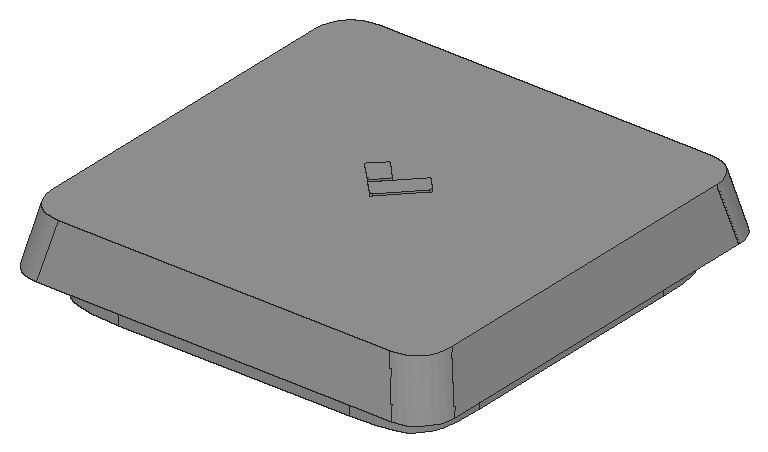
Revit family "Access1DoorController", category Electrical Equipment, host Face, Revit 2019
Family settings
  Host = Face
  Round Connector Dimension = Use Diameter
  Part Type = Other Panel
  Cut with Voids When Loaded = No
  Shared = No
  Room Calculation Point = Yes
Parameters (values of type "AC12")
  Width = 175.5 mm
  URL = "https://www.verkada.com/access-control/ac12/"
  Type Image = AC12.png
  Model = "AC12"
  Manufacturer = "VERKADA"  # constant formula
  Length = 175.6 mm
  Height = 33.75 mm
  Description = "1 DOOR CONTROLLER"
  Default Elevation = 1219.2 mm
  Corner Radius = 14.4 mm
Reference planes
  plane 1 "Center (Front/Back)": y = 0
  plane 2: z = 0
  plane 3 "Center (Left/Right)": x = 0
  plane 4: x = 87.75
  plane 5: y = 87.8
  plane 6: y = -87.8
  plane 7: x = -87.75
  plane 8: z = 33.75
Forms (mm)
  Extrusion 1, solid, material "Verkada White"
    sketch origin (0, 0, 0) x (1, 0, 0) y (0, 1, 0)
      loop
        spline (-77.427, -47.688) -> (-77.158, -56.879) -> (-76.418, -63.107) -> (-75.311, -67.133) -> (-73.939, -69.718) -> (-72.402, -71.608) -> (-70.688, -73.204) -> (-68.672, -74.538) -> (-66.222, -75.625) -> (-63.187, -76.475) -> (-59.296, -77.074) -> (-54.235, -77.399) -> (-47.688, -77.427)
        line (-47.688, -77.427) -> (47.688, -77.427)
        spline (47.688, -77.427) -> (54.235, -77.399) -> (59.296, -77.074) -> (63.187, -76.475) -> (66.222, -75.625) -> (68.672, -74.538) -> (70.688, -73.204) -> (72.402, -71.608) -> (73.939, -69.718) -> (75.311, -67.133) -> (76.418, -63.107) -> (77.158, -56.879) -> (77.427, -47.688)
        line (77.427, -47.688) -> (77.427, 47.688)
        spline (77.427, 47.688) -> (77.158, 56.879) -> (76.418, 63.107) -> (75.311, 67.133) -> (73.939, 69.718) -> (72.402, 71.608) -> (70.688, 73.204) -> (68.672, 74.538) -> (66.222, 75.625) -> (63.187, 76.475) -> (59.296, 77.074) -> (54.235, 77.399) -> (47.688, 77.427)
        line (47.688, 77.427) -> (-47.688, 77.427)
        spline (-47.688, 77.427) -> (-54.235, 77.399) -> (-59.296, 77.074) -> (-63.187, 76.475) -> (-66.222, 75.625) -> (-68.672, 74.538) -> (-70.688, 73.204) -> (-72.402, 71.608) -> (-73.939, 69.718) -> (-75.311, 67.133) -> (-76.418, 63.107) -> (-77.158, 56.879) -> (-77.427, 47.688)
        line (-77.427, 47.688) -> (-77.427, -47.688)
    from 0 to 11.5
  Extrusion 2, solid, material "Verkada Black"
    sketch origin (0, -100.95, -77.397) x (1, 0, 0) y (0, 1, 0)
      loop
        line (-1.177, 106.44) -> (-7.923, 113.632)
        arc (-7.923, 113.632) -> (-8.47, 113.868) -> (-9.017, 113.63) r 0.749
        line (-9.017, 113.63) -> (-13.435, 108.892)
        arc (-13.435, 108.892) -> (-13.635, 108.384) -> (-13.434, 107.876) r 0.744
        line (-13.434, 107.876) -> (-6.619, 100.603) -> (-1.177, 106.44)
      loop
        line (7.923, 113.632) -> (-5.446, 99.379) -> (-0.543, 94.121)
        arc (-0.543, 94.121) -> (0, 93.885) -> (0.544, 94.12) r 0.744
        line (0.544, 94.12) -> (13.434, 107.876)
        arc (13.434, 107.876) -> (13.635, 108.384) -> (13.435, 108.892) r 0.744
        line (13.435, 108.892) -> (9.017, 113.63)
        arc (9.017, 113.63) -> (8.47, 113.868) -> (7.923, 113.632) r 0.749
    from 111.147 to 111.994
  Blend 3, solid, material "Verkada White"
    base sketch origin (0, 0, 0) x (1, 0, 0) y (0, 1, 0)
      loop
        arc (-73.35, 87.8) -> (-83.532, 83.582) -> (-87.75, 73.4) r 14.4
        line (-87.75, 73.4) -> (-87.75, -73.4)
        arc (-87.75, -73.4) -> (-83.532, -83.582) -> (-73.35, -87.8) r 14.4
        line (-73.35, -87.8) -> (73.35, -87.8)
        arc (73.35, -87.8) -> (83.532, -83.582) -> (87.75, -73.4) r 14.4
        line (87.75, -73.4) -> (87.75, 73.4)
        arc (87.75, 73.4) -> (83.532, 83.582) -> (73.35, 87.8) r 14.4
        line (73.35, 87.8) -> (-73.35, 87.8)
    top sketch origin (0, 0, 0) x (1, 0, 0) y (0, 1, 0)
      loop
        arc (-68.34, 82.79) -> (-78.522, 78.572) -> (-82.74, 68.39) r 14.4
        line (-82.74, 68.39) -> (-82.74, -68.39)
        arc (-82.74, -68.39) -> (-78.522, -78.572) -> (-68.34, -82.79) r 14.4
        line (-68.34, -82.79) -> (68.34, -82.79)
        arc (68.34, -82.79) -> (78.522, -78.572) -> (82.74, -68.39) r 14.4
        line (82.74, -68.39) -> (82.74, 68.39)
        arc (82.74, 68.39) -> (78.522, 78.572) -> (68.34, 82.79) r 14.4
        line (68.34, 82.79) -> (-68.34, 82.79)
    from 11.5 to 33.75
Dimensions and locks
  equal spacing: plane 7, plane 3 "Center (Left/Right)", plane 4
  "Width": plane 7 to plane 4
  "Height": plane 8 to level
  equal spacing: plane 6, plane 1 "Center (Front/Back)", plane 5
  "Length": plane 6 to plane 5
  plane 8 to host face = 33.75 mm
  locked: Blend 3 sketch curve to plane 5 at 5.01
  locked: plane 7 to Blend 3 sketch curve at 5.01
  locked: Blend 3 sketch curve to plane 6 at 5.01
  locked: Blend 3 sketch curve to plane 4 at 5.01
  aligned and locked: plane 2 to host face
  aligned and locked: level to host face
  aligned and locked: Blend 3 to plane 8
  aligned and locked: Blend 3 to Extrusion 1
Automatic sketch dimensions
  host sketch curve to host sketch curve = 2438.4 mm  (x2)
  Extrusion 2 sketch curve to plane 3 "Center (Left/Right)" = 13.435 mm
  Extrusion 2 sketch curve to Extrusion 2 sketch curve = 0.001 mm  (x2)
  Extrusion 2 sketch curve to Extrusion 2 sketch curve = 0.544 mm  (x2)
  Extrusion 2 sketch curve to Extrusion 2 sketch curve = 4.419 mm
  Extrusion 2 sketch curve to Extrusion 2 sketch curve = 0.547 mm  (x2)
  Extrusion 2 sketch curve to Extrusion 2 sketch curve = 0.546 mm  (x2)
  Extrusion 2 sketch curve to plane 3 "Center (Left/Right)" = 6.619 mm
  Extrusion 2 sketch curve to Extrusion 2 sketch curve = 1.174 mm
  Extrusion 2 sketch curve to plane 3 "Center (Left/Right)" = 1.177 mm
  Extrusion 2 sketch curve to plane 3 "Center (Left/Right)" = 0.543 mm
  plane 3 "Center (Left/Right)" to Extrusion 2 sketch curve = 0.001 mm
  plane 3 "Center (Left/Right)" to Extrusion 2 sketch curve = 0.544 mm
  plane 3 "Center (Left/Right)" to Extrusion 2 sketch curve = 7.923 mm
  Extrusion 2 sketch curve to Extrusion 2 sketch curve = 4.422 mm
  Extrusion 2 sketch curve to Extrusion 2 sketch curve = 0.543 mm
  plane 1 "Center (Front/Back)" to Extrusion 2 sketch curve = 6.83 mm
  Extrusion 2 sketch curve to Extrusion 2 sketch curve = 5.258 mm
  Extrusion 2 sketch curve to Extrusion 2 sketch curve = 1.224 mm
  Extrusion 2 sketch curve to Extrusion 2 sketch curve = 5.836 mm
  Extrusion 2 sketch curve to Extrusion 2 sketch curve = 7.272 mm
  Extrusion 2 sketch curve to Extrusion 2 sketch curve = 1.436 mm
  Extrusion 2 sketch curve to Extrusion 2 sketch curve = 0.509 mm  (x2)
  Extrusion 2 sketch curve to Extrusion 2 sketch curve = 4.735 mm  (x2)
  Extrusion 2 sketch curve to Extrusion 2 sketch curve = 0.511 mm  (x2)
  plane 7 to Extrusion 1 sketch curve = 10.323 mm
  Extrusion 1 sketch curve to plane 6 = 10.373 mm
  plane 7 to Extrusion 1 sketch curve = 40.062 mm  (x2)
  plane 5 to Extrusion 1 sketch curve = 10.373 mm
  Extrusion 1 sketch curve to plane 4 = 40.062 mm  (x2)
  Extrusion 1 sketch curve to plane 4 = 10.323 mm
  Extrusion 1 sketch curve to plane 6 = 40.112 mm  (x2)
  plane 5 to Extrusion 1 sketch curve = 40.112 mm  (x2)
  Blend 3 sketch curve to plane 7 = 0 mm
  plane 6 to Blend 3 sketch curve = 0 mm
  plane 5 to Blend 3 sketch curve = 0 mm
  Blend 3 sketch curve to plane 4 = 0 mm
  plane 7 to Blend 3 sketch curve = 14.4 mm
  plane 5 to Blend 3 sketch curve = 14.4 mm
  Blend 3 sketch curve to plane 4 = 14.4 mm
  Blend 3 sketch curve to Blend 3 sketch curve = 14.4 mm  (x3)
  Blend 3 sketch curve to plane 4 = 19.41 mm  (x2)
Connectors
  electrical at (0, 0, 0)
    settings: index 2, voltage 0 V, apparent load 0 VA, apparent load phase1 0 VA, apparent load phase2 0 VA, apparent load phase3 0 VA, power factor 1, load classification "Other", number of poles 1, system type 10, power factor state 1, is connector primary yes, connector utility no, sub classification motor no, connector description ""
